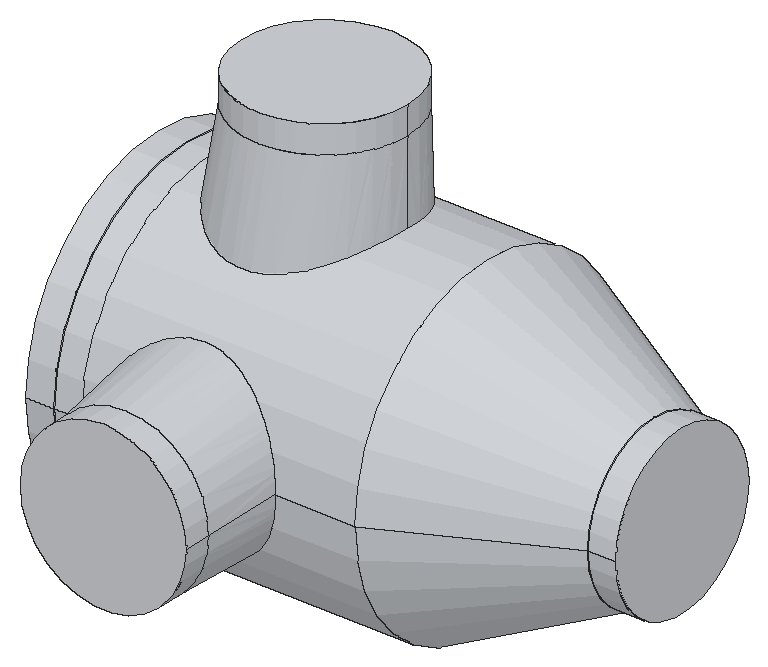
Revit family "c05547fabd0d49ac8eae88d8a6100dab", category Duct Fittings, Revit 2021
Family settings
  Round Connector Dimension = Use Radius
  Part Type = Multi Port
  OmniClass Number = 23.75.70.14
  OmniClass Title = Air Ductwork
  Seek Item ID = Round Transition Low Loss Cross - 90 Degree - DTL-0000-USA-ENU
  Work Plane-Based = No
  Always vertical = Yes
  Cut with Voids When Loaded = No
  Shared = No
Parameters (values of type "Standard")
  Length 2 [instance] = if(Tap 2 Angle 1 < 90.00°, Tap 2 Base Center Radius / tan(Tap 2 Angle 1), if(Tap 2 Angle 1 = 90.00°, 0' 0", (Tap 2 Base Diameter - (Tap 2 Insertion Length * sin(180.00° - Tap 2 Angle 1) + Tap 2 Radius)) / tan(180.00° - Tap 2 Angle 1)))  # 0"
  Length 1 [instance] = if(Tap 1 Angle 1 < 90.00°, Tap 1 Base Center Radius / tan(Tap 1 Angle 1), if(Tap 1 Angle 1 = 90.00°, 0' 0", (Tap 1 Base Diameter - (Tap 1 Insertion Length * sin(180.00° - Tap 1 Angle 1) + Tap 1 Radius)) / tan(180.00° - Tap 1 Angle 1)))  # 0"
  Default Elevation = 0' - 0"
  Angle 2 [instance] = atan((Tap 2 Base Center Diameter - Tap 2 Base Diameter 1) / (Tap 2 Length 1 - Tap 2 Length))  # 9.46232°
  Angle 1 [instance] = atan((Tap 1 Base Center Diameter - Tap 1 Base Diameter 1) / (Tap 1 Length 1 - Tap 1 Length))  # 9.46232°
  Tap 2 Length [instance] = 6"
  Tap 2 Inset Label [instance] = 10' 0" + if(Tap 2 Angle 1 < 90.00°, Tap 2 Inset 1, if(Tap 2 Angle 1 = 90.00°, Tap 2 Inset 2, Tap 2 Inset 3))  # 125 1/2"
  Tap 1 Inset Label [instance] = 10' 0" + if(Tap 1 Angle 1 < 90.00°, Tap 1 Inset 1, if(Tap 1 Angle 1 = 90.00°, Tap 1 Inset 2, Tap 1 Inset 3))  # 125 1/2"
  Tap 2 Inset 3 [instance] = if(Tap 2 Angle 1 > 90.00°, (Tap 2 Base Diameter 1 - Tap 2 Base Center Radius) / sin(180.00° - Tap 2 Angle 1) + Body Radius 1 / tan(180.00° - Tap 2 Angle 1), 0' 0")  # 0"
  Tap 2 Inset 2 [instance] = if(Tap 2 Angle 1 = 90.00°, Tap 2 Base Diameter 1 - Tap 2 Base Center Radius, 0' 0")  # 5 1/2"
  Tap 2 Inset 1 [instance] = if(Tap 2 Angle 1 < 90.00°, Tap 2 Base Center Diameter / 2 * sin(Tap 2 Angle 1) + Tap 2 Base Center Diameter / 2 * cos(Tap 2 Angle 1) / tan(Tap 2 Angle 1 - Angle 2) - Body Radius 1 / tan(Tap 2 Angle 1 - Angle 2), 0' 0")  # 0"
  Tap 1 Inset 3 [instance] = if(Tap 1 Angle 1 > 90.00°, (Tap 1 Base Diameter 1 - Tap 1 Base Center Radius) / sin(180.00° - Tap 1 Angle 1) + Body Radius 1 / tan(180.00° - Tap 1 Angle 1), 0' 0")  # 0"
  Tap 1 Inset 2 [instance] = if(Tap 1 Angle 1 = 90.00°, Tap 1 Base Diameter 1 - Tap 1 Base Center Radius, 0' 0")  # 5 1/2"
  Tap 2 Inset [instance] = 1"
  Tap 2 Collar Length [instance] = 2"
  Tap 2 Insertion Length [instance] = if(Tap 2 Angle 1 = 90.00°, Tap 2 Base Center Radius - Tap 2 Radius, abs(Tap 2 Horizontal Profile Offset) / sin(Tap 2 Angle 1))  # 1 1/2"
  Tap 2 Horizontal Profile Offset [instance] = (Tap 2 Base Center Radius - Tap 2 Radius)  # 1 1/2"
  Tap 1 Horizontal Profile Offset [instance] = Tap 1 Base Center Radius - Tap 1 Radius  # 1 1/2"
  Tap 1 Inset 1 [instance] = if(Tap 1 Angle 1 < 90.00°, Tap 1 Base Center Diameter / 2 * sin(Tap 1 Angle 1) + Tap 1 Base Center Diameter / 2 * cos(Tap 1 Angle 1) / tan(Tap 1 Angle 1 - Angle 1) - Body Radius 1 / tan(Tap 1 Angle 1 - Angle 1), 0' 0")  # 0"
  Tap 2 Radius [instance] = 6"
  Tap 2 Offset From Center 1 [instance] = 10' 0" - Tap 2 Offset From Center  # 120"
  Tap 2 Offset From Center [instance] = 0"
  Tap 2 Length 3 [instance] = Body Length 1 + Tap 2 Inset  # 5"
  Tap 2 Length 2 [instance] = Tap 2 Length 1 + Tap 2 Collar Length  # 20"
  Tap 2 Length 1 [instance] = Body Radius 1 / sin(Tap 2 Angle 1) + Tap 2 Length + Length 2  # 18"
  Tap 1 Length 3 [instance] = Body Length 1 + Tap 1 Inset  # 5"
  Tap 1 Inset [instance] = 1"
  Tap 1 Length 2 [instance] = Tap 1 Length 1 + Tap 1 Collar Length  # 20"
  Tap 1 Diameter 3 [instance] = if(Tap 1 Angle 1 > 90.00°, 2 * (Tap 1 Base Diameter 1 / 2 + (Tap 1 Base Diameter 1 - Tap 1 Diameter) * Body Radius 1 / (2 * sin(180.00° - Tap 1 Angle 1) * Tap 1 Length) + Tap 1 Base Diameter 1 * (Tap 1 Base Diameter 1 - Tap 1 Diameter) / (2 * tan(180.00° - Tap 1 Angle 1) * Tap 1 Length)) / (1 + (Tap 1 Base Diameter 1 - Tap 1 Diameter) / (2 * tan(180.00° - Tap 1 Angle 1) * Tap 1 Length)), 0' 0")  # 0"
  Tap 1 Diameter 2 [instance] = if(Tap 1 Angle 1 < 90.00°, 2 * (Tap 1 Base Diameter 1 / 2 + (Tap 1 Base Diameter 1 - Tap 1 Diameter) * Body Radius 1 / (2 * sin(Tap 1 Angle 1) * Tap 1 Length)) / (1 - (Tap 1 Base Diameter 1 - Tap 1 Diameter) / (2 * tan(Tap 1 Angle 1) * Tap 1 Length)), 0' 0")  # 0"
  Tap 1 Diameter 1 [instance] = if(Tap 1 Angle 1 = 90.00°, Body Radius 1 * tan(atan((Tap 1 Base Diameter 1 - Tap 1 Diameter) / Tap 1 Length)) + Tap 1 Base Diameter 1, 0' 0")  # 15"
  Tap 2 Diameter [instance] = Tap 2 Radius * 2  # 12"
  Tap 2 Diameter 3 [instance] = if(Tap 2 Angle 1 > 90.00°, 2 * (Tap 2 Base Diameter 1 / 2 + (Tap 2 Base Diameter 1 - Tap 2 Diameter) * Body Radius 1 / (2 * sin(180.00° - Tap 2 Angle 1) * Tap 2 Length) + Tap 2 Base Diameter 1 * (Tap 2 Base Diameter 1 - Tap 2 Diameter) / (2 * tan(180.00° - Tap 2 Angle 1) * Tap 2 Length)) / (1 + (Tap 2 Base Diameter 1 - Tap 2 Diameter) / (2 * tan(180.00° - Tap 2 Angle 1) * Tap 2 Length)), 0' 0")  # 0"
  Tap 2 Diameter 2 [instance] = if(Tap 2 Angle 1 < 90.00°, 2 * (Tap 2 Base Diameter 1 / 2 + (Tap 2 Base Diameter 1 - Tap 2 Diameter) * Body Radius 1 / (2 * sin(Tap 2 Angle 1) * Tap 2 Length)) / (1 - (Tap 2 Base Diameter 1 - Tap 2 Diameter) / (2 * tan(Tap 2 Angle 1) * Tap 2 Length)), 0' 0")  # 0"
  Tap 2 Diameter 1 [instance] = if(Tap 2 Angle 1 = 90.00°, Body Radius 1 * tan(atan((Tap 2 Base Diameter 1 - Tap 2 Diameter) / Tap 2 Length)) + Tap 2 Base Diameter 1, 0' 0")  # 15"
  Tap 2 Coarse Line Length [instance] = if(Tap 2 Angle 1 = 90.00°, Tap 2 Length 2, Tap 2 Length 2 - abs(Tap 2 Horizontal Profile Offset) / tan(Tap 2 Angle 1))  # 20"
  Body Radius 1 [instance] = if(Radius In > Radius Out, if(not(Body Radius < Radius In), Body Radius, Radius In), if(not(Body Radius < Radius Out), Body Radius, Radius Out))  # 12"
  Tap 1 Radius [instance] = 6"
  Radius Out [instance] = 6"
  Radius In [instance] = 12"
  Tap 1 Offset From Center 2 [instance] = if(Tap 1 Offset From Center = 0' 0", 0' 0 13/256", 0' 0 13/256")  # 13/256"
  Tap 1 Offset From Center 1 [instance] = 10' 0" - Tap 1 Offset From Center  # 120"
  Tap 1 Offset From Center [instance] = 0"
  Body Length 2 [instance] = Collar Out + Length Out 1  # 14"
  Length Out 1 [instance] = if(Length Out = 0' 0", 0' 0 1/16", Length Out)  # 12"
  Body Length 1 [instance] = Collar In + Length In 1  # 4"
  Length In 1 [instance] = if(Length In = 0' 0", 0' 0 1/16", Length In)  # 2"
  Collar Out [instance] = 2"
  Length Out [instance] = 12"
  Collar In [instance] = 2"
  Length In [instance] = 2"
  Tap 1 Length 1 [instance] = Body Radius 1 / sin(Tap 1 Angle 1) + Tap 1 Length + Length 1  # 18"
  Tap 1 Length [instance] = 6"
  Body Length [instance] = 19 3/4"
  Tap 1 Diameter [instance] = Tap 1 Radius * 2  # 12"
  Diameter Out [instance] = Radius Out * 2  # 12"
  Diameter In [instance] = Radius In * 2  # 24"
  Tap 1 Insertion Length [instance] = if(Tap 1 Angle 1 = 90.00°, Tap 1 Base Center Radius - Tap 1 Radius, Tap 1 Horizontal Profile Offset / sin(Tap 1 Angle 1))  # 1 1/2"
  Tap 1 Coarse Line Length [instance] = if(Tap 1 Angle 1 = 90.00°, Tap 1 Length 2, Tap 1 Length 2 - Tap 1 Horizontal Profile Offset / tan(Tap 1 Angle 1))  # 20"
  Tap 1 Collar Length [instance] = 2"
  Tap 2 Base Radius 1 [instance] = if(Tap 2 Base Radius > Tap 2 Radius, Tap 2 Base Radius, Tap 2 Radius + 0' 1")  # 6 1/2"
  Tap 1 Base Radius 1 [instance] = if(Tap 1 Base Radius > Tap 1 Radius, Tap 1 Base Radius, Tap 1 Radius + 0' 1")  # 6 1/2"
  Body Radius [instance] = 12"
  Body Diameter [instance] = Body Radius * 2  # 24"
  Tap 2 Base Radius [instance] = 6 1/2"
  Tap 1 Base Radius [instance] = 6 1/2"
  Tap 2 Base Diameter 1 [instance] = Tap 2 Base Radius 1 * 2  # 13"
  Tap 1 Base Diameter 1 [instance] = Tap 1 Base Radius 1 * 2  # 13"
  Tap 2 Base Diameter [instance] = Tap 2 Base Radius * 2  # 13"
  Tap 1 Base Diameter [instance] = Tap 1 Base Radius * 2  # 13"
  Tap 2 Base Center Radius [instance] = Tap 2 Base Center Diameter / 2  # 7 1/2"
  Tap 1 Base Center Radius [instance] = Tap 1 Base Center Diameter / 2  # 7 1/2"
  Tap 2 Base Center Diameter [instance] = if(Tap 2 Angle 1 < 90.00°, Tap 2 Diameter 2, if(Tap 2 Angle 1 = 90.00°, Tap 2 Diameter 1, abs(Tap 2 Diameter 3)))  # 15"
  Tap 1 Base Center Diameter [instance] = if(Tap 1 Angle 1 < 90.00°, abs(Tap 1 Diameter 2), if(Tap 1 Angle 1 = 90.00°, abs(Tap 1 Diameter 1), abs(Tap 1 Diameter 3)))  # 15"
  Tap 2 Angle 1 [instance] = 90.00°
  Tap 1 Angle 1 [instance] = 90.00°
Reference planes (in)
  plane 1 "Center (Front/Back)": y = 0
  plane 2: z = 0
  plane 3 "Center (Left/Right)": x = 0
  plane 4: x = -8
  plane 5: x = 11.75
  plane 6: x = -10
  plane 7: x = -12
  plane 8: x = 23.75
  plane 9: x = 25.75
  plane 10: z = -120
  plane 11: z = 0
  plane 12: z = -0.05078
  plane 13: x = -1.5
  plane 14: x = -7
  plane 15: x = -127
  plane 16: z = 0
  plane 17: z = 0.05078
  plane 18 "Coarse Line 1": x = 0
  plane 19: y = -120
  plane 20: y = 0
  plane 21: y = 0.05078
  plane 22: x = -7
  plane 23: x = -127
  plane 24: x = -1.5
  plane 25: x = 0
  plane 26: x = -9.96094
  plane 27: x = 23.71094
Forms (in)
  Sweep 1, solid, detail levels medium+fine
    path in 3D
      loop
        line (-12, 0, 0) -> (-9.96094, 0, 0)
    profile origin (-10.98047, 0, 0) x (0, 1, 0) y (0, 0, 1)
      loop
        circle (0, 0) r 12
  Sweep 2, solid, detail levels medium+fine
    path in 3D
      loop
        line (-8, 0, 0) -> (11.75, 0, 0)
    profile origin (1.875, 0, 0) x (0, 1, 0) y (0, 0, 1)
      loop
        circle (0, 0) r 12
  Sweep 3, solid, detail levels medium+fine
    path in 3D
      loop
        line (23.71094, 0, 0) -> (25.75, 0, 0)
    profile origin (24.73047, 0, 0) x (0, 1, 0) y (0, 0, 1)
      loop
        circle (0, 0) r 6
  SweptBlend 4, solid, detail levels medium+fine
    path in 3D
      loop
        line (-1.5, 0, 0) -> (-1.5, -18, 0)
    profile "Duct - Round : Duct - Base Center Radius 3" origin (-1.5, 0, 0) x (1, 0, 0) y (0, 0, 1)
      loop
        circle (0, 0) r 7.5
    end profile "Duct - Round : Duct - Round 3" origin (-1.5, -18, 0) x (1, 0, 0) y (0, 0, 1)
      loop
        circle (1.5, 0) r 6
  Sweep 5, solid, detail levels medium+fine
    path in 3D
      loop
        line (-1.5, 0, 0) -> (-1.5, -20, 0)
    profile "Duct - Round : Duct - Round 3" origin (-1.5, -10, 0) x (1, 0, 0) y (0, 0, 1)
      loop
        circle (1.5, 0) r 6
  SweptBlend 6, solid, detail levels medium+fine
    path in 3D
      loop
        line (-1.5, 0, 0) -> (-1.5, 0, 18)
    profile "Duct - Round : Duct - Base Center Radius 4" origin (-1.5, 0, 0) x (1, 0, 0) y (0, 1, 0)
      loop
        circle (0, 0) r 7.5
    end profile "Duct - Round : Duct - Round 4" origin (-1.5, 0, 18) x (1, 0, 0) y (0, 1, 0)
      loop
        circle (1.5, 0) r 6
  Sweep 7, solid, detail levels medium+fine
    path in 3D
      loop
        line (-1.5, 0, 0) -> (-1.5, 0, 20)
    profile "Duct - Round : Duct - Round 4" origin (-1.5, 0, 10) x (1, 0, 0) y (0, 1, 0)
      loop
        circle (1.5, 0) r 6
  Blend 8, solid, detail levels medium+fine
    base sketch origin (0, 0, 0) x (0, 1, 0) y (0, 0, 1)
      loop
        circle (0, 0) r 12
    top sketch origin (0, 0, 0) x (0, 1, 0) y (0, 0, 1)
      loop
        circle (0, 0) r 12
    from -10 to -8
  Blend 9, solid, detail levels medium+fine
    base sketch origin (0, 0, 0) x (0, 1, 0) y (0, 0, 1)
      loop
        circle (0, 0) r 6
    top sketch origin (0, 0, 0) x (0, 1, 0) y (0, 0, 1)
      loop
        circle (0, 0) r 12
    from 23.75 to 11.75
Cuts and joins
  joined: Sweep 2, SweptBlend 4, Sweep 5, SweptBlend 6, Sweep 7, Blend 8, Blend 9
Lines and regions (in)
  reference lines
    curve 1: line (-12, 0, 0) -> (-9.96094, 0, 0)
    curve 2: line (23.71094, 0, 0) -> (25.75, 0, 0)
    curve 3: line (-8, 0, 0) -> (11.75, 0, 0)
    curve 7: line (-1.5, 0, 0) -> (-1.5, -18, 0)
    curve 9: line (-1.5, 0, 0) -> (-1.5, -20, 0)
    curve 14: line (-1.5, 0, 0) -> (-1.5, 0, 18)
    curve 16: line (-1.5, 0, 0) -> (-1.5, 0, 20)
  sketch lines
    curve 4: line (-12, 0, 0) -> (-9.96094, 0, 0)
    curve 5: line (-8, 0, 0) -> (11.75, 0, 0)
    curve 6: line (23.71094, 0, 0) -> (25.75, 0, 0)
    curve 8: line (-1.5, 0, 0) -> (-1.5, -18, 0)
    curve 10: line (-1.5, 0, 0) -> (-1.5, -20, 0)
    curve 15: line (-1.5, 0, 0) -> (-1.5, 0, 18)
    curve 17: line (-1.5, 0, 0) -> (-1.5, 0, 20)
  model lines, detail levels coarse
    curve 11: line (-12, 0, 0) -> (25.75, 0, 0)
    curve 12: line (0, 0, 0) -> (0, -20, 0)
    curve 13: line (0, 0, 0) -> (0, 0, -0.05078)
    curve 18: line (0, 0, 0) -> (0, 0, 20)
    curve 19: line (0, 0.05078, 0) -> (0, 0, 0)
Dimensions and locks (in)
  "Body Length": plane 4 to plane 5
  "Length In 1": plane 6 to plane 4
  "Body Length 1": plane 7 to plane 4
  "Length Out 1": plane 5 to plane 8
  "Body Length 2": plane 5 to plane 9
  locked: plane 2 to plane 10 at 120
  "Tap 1 Offset From Center 1": plane 11 to plane 10
  "Tap 1 Offset From Center 2": plane 11 to plane 12
  "Tap 1 Length 1": curve 7 to curve 7
  "Tap 1 Length 3": plane 7 to plane 14
  locked: plane 15 to plane 14 at 120
  "Tap 1 Inset Label": plane 15 to plane 13
  "Tap 1 Length 2": curve 9 to curve 9
  "Tap 1 Offset From Center 2": plane 17 to plane 16
  "Tap 2 Offset From Center 1": plane 16 to plane 10
  "Tap 1 Insertion Length": plane 13 to plane 18 "Coarse Line 1"
  "Tap 1 Coarse Line Length": curve 12 to curve 12
  locked: plane 18 "Coarse Line 1" to plane 3 "Center (Left/Right)"
  locked: plane 1 "Center (Front/Back)" to plane 19 at 120
  "Tap 1 Offset From Center 2": plane 21 to plane 20
  "Tap 2 Offset From Center 1": plane 20 to plane 19
  "Tap 2 Length 3": plane 22 to plane 7
  locked: plane 22 to plane 23 at 120
  "Tap 2 Inset Label": plane 24 to plane 23
  "Tap 2 Length 1": curve 14 to curve 14
  "Tap 2 Length 2": curve 16 to curve 16
  "Tap 2 Insertion Length": plane 25 to plane 24
  "Tap 2 Coarse Line Length": curve 18 to curve 18
  locked: plane 6 to plane 26 at 0.03906
  locked: plane 27 to plane 8 at 0.03906
  "Radius In": radius of Sweep 1 sketch curve
  "Body Radius 1": radius of Sweep 2 sketch curve
  "Radius Out": radius of Sweep 3 sketch curve
  "Radius In": radius of Blend 8 sketch curve
  "Body Radius 1": radius of Blend 8 sketch curve
  "Radius Out": radius of Blend 9 sketch curve
  "Body Radius 1": radius of Blend 9 sketch curve
  "Tap 1 Angle 1": angle curve 7 to plane 1 "Center (Front/Back)"
  "Tap 1 Angle 1": angle curve 9 to plane 1 "Center (Front/Back)"
  "Tap 1 Angle 1": angle curve 12 to plane 1 "Center (Front/Back)"
  "Tap 2 Angle 1": angle plane 2 to curve 14
  "Tap 2 Angle 1": angle plane 2 to curve 16
  "Tap 2 Angle 1": angle plane 2 to curve 18
  aligned and locked: plane 7 to curve 1
  aligned and locked: plane 1 "Center (Front/Back)" to curve 1
  aligned and locked: plane 9 to curve 2
  aligned and locked: plane 1 "Center (Front/Back)" to curve 2
  aligned and locked: plane 5 to curve 3
  aligned and locked: plane 1 "Center (Front/Back)" to curve 3
  aligned and locked: plane 1 "Center (Front/Back)" to curve 7
  aligned and locked: plane 13 to curve 9
  aligned and locked: plane 9 to curve 11
  aligned and locked: plane 7 to curve 11
  aligned and locked: plane 1 "Center (Front/Back)" to curve 11
  aligned and locked: plane 18 "Coarse Line 1" to curve 12
  aligned and locked: plane 1 "Center (Front/Back)" to curve 12
  aligned and locked: plane 12 to curve 13
  aligned and locked: plane 2 to curve 13
  aligned and locked: curve 13 to plane 1 "Center (Front/Back)"
  aligned and locked: plane 2 to curve 14
  aligned and locked: plane 24 to curve 16
  aligned and locked: plane 2 to curve 18
  aligned and locked: plane 25 to curve 18
  aligned and locked: plane 1 "Center (Front/Back)" to curve 19
  aligned and locked: plane 21 to curve 19
  aligned and locked: curve 19 to plane 25
  aligned and locked: Blend 8 to plane 6
  aligned and locked: plane 4 to Blend 8
  aligned and locked: plane 8 to Blend 9
  aligned and locked: Blend 9 to plane 5
  aligned and locked: plane 26 to curve 1
  aligned and locked: plane 27 to curve 2
Automatic sketch dimensions
  Sweep 1 sketch curve to profile plane = 0' - 0"  (x2)
  Sweep 2 sketch curve to profile plane = 0' - 0"  (x2)
  Sweep 3 sketch curve to profile plane = 0' - 0"  (x2)
  Blend 8 sketch curve to level = 0' - 0"  (x2)
  Blend 8 sketch curve to plane 1 "Center (Front/Back)" = 0' - 0"  (x2)
  Blend 9 sketch curve to level = 0' - 0"  (x2)
  Blend 9 sketch curve to plane 1 "Center (Front/Back)" = 0' - 0"  (x2)
  curve 3 to plane 4 = 0' - 0"
Connectors (in)
  hvac at (-12, 0, 0), driven by "Radius In"
    settings: on Sweep 1, index 1, duct flow 0 CFM, flow factor 0, pres drop 0.00 in-wg, loss coef 0, conn angle 0.00°, conn width 12", conn height 12", conn diameter 24", duct sys type 28, conn prof type 0, flow config 0, flow direction 0, loss method 0, conn ref index 2, conn util no, is conn primary yes, conn desc ""
  hvac at (25.75, 0, 0), driven by "Radius Out"
    settings: on Sweep 3, index 2, duct flow 0 CFM, flow factor 0, pres drop 0.00 in-wg, loss coef 0, conn angle 0.00°, conn width 12", conn height 12", conn diameter 12", duct sys type 28, conn prof type 0, flow config 0, flow direction 0, loss method 0, conn ref index 1, conn util no, is conn primary no, conn desc ""
  hvac at (0, -20, 0), driven by "Tap 1 Radius", driven by "Tap 1 Angle 1"
    settings: on cut or joined group of Sweep 2, SweptBlend 4, Sweep 5, SweptBlend 6, Sweep 7, Blend 8, Blend 9, index 3, duct flow 0 CFM, flow factor 0, pres drop 0.00 in-wg, loss coef 0, conn angle 90.00°, conn width 12", conn height 12", conn diameter 12", duct sys type 28, conn prof type 0, flow config 0, flow direction 0, loss method 0, conn ref index -1, conn util no, is conn primary no, conn desc ""
  hvac at (0, 0, 20), driven by "Tap 2 Radius", driven by "Tap 2 Angle 1"
    settings: on cut or joined group of Sweep 2, SweptBlend 4, Sweep 5, SweptBlend 6, Sweep 7, Blend 8, Blend 9, index 4, duct flow 0 CFM, flow factor 0, pres drop 0.00 in-wg, loss coef 0, conn angle 90.00°, conn width 12", conn height 12", conn diameter 12", duct sys type 28, conn prof type 0, flow config 0, flow direction 0, loss method 0, conn ref index -1, conn util no, is conn primary no, conn desc ""
